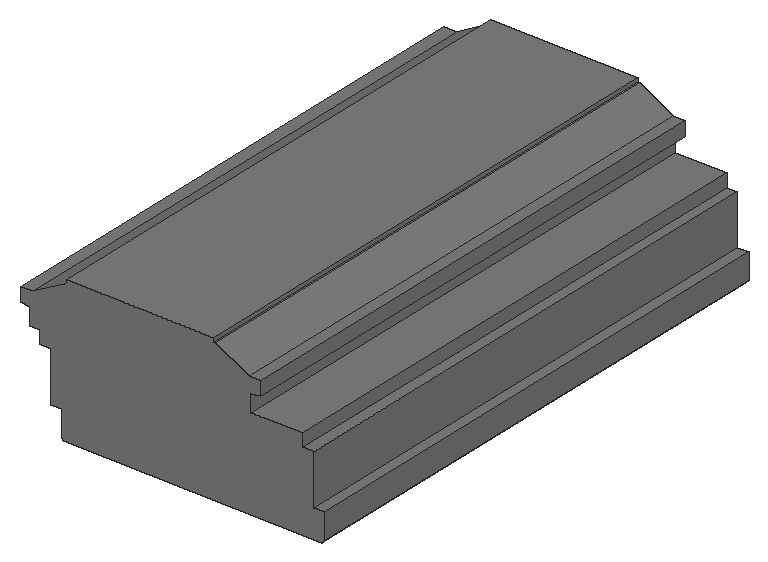
Revit family "HourdiBox PP Néo 120 Up 23 KW-1", category Equipement spécialisé, Revit 2016
Family settings
  Basée sur le plan de construction = Non
  Toujours verticalement = Oui
  Couper avec des vides une fois chargée = Non
  Partagée = Non
  Point de calcul de pièce = Non
Parameters (values of type "HourdiBox PP 120 Up 23")
  Up - SEAC GF 110 - SEAC GF 120 - SEAC GF 930 - SEAC GF 940 = 0.2300 W/(m·K)  # constant formula
  Up - RECTOR NR 130 = 0.2300 W/(m·K)  # constant formula
  Up - RECTOR NR 110 = 0.2300 W/(m·K)  # constant formula
  Up - LB7 - Série 1 = 0.2300 W/(m·K)  # constant formula
  Up - LB 7 - Série 2 = 0.2300 W/(m·K)  # constant formula
  Up - KP1 Leader 130 - KP1 Leader 140 = 0.2300 W/(m·K)  # constant formula
  Up - KP1 Leader 110 - KP1 Leader 115S - KP1 Leader x 110 = 0.2300 W/(m·K)  # constant formula
  Up - DURANDAL DF 110 - DURANDAL DF 130 - DURANDAL DF 140 = 0.2300 W/(m·K)  # constant formula
  URL = "http://www.isobox-isolation.fr/"
  Rp - SEAC GF 110 - SEAC GF 120 - SEAC GF 930 - SEAC GF 940 = 4.0000 (m²·K)/W  # constant formula
  Rp - RECTOR NR 110 = 4.0500 (m²·K)/W  # constant formula
  Rp - RECTOR NR 130 = 4.0000 (m²·K)/W  # constant formula
  Keynote = ""
  Model = "Entrevous 120 - UP 14 "  # constant formula
  Matériaux = Isolant PSE Entrevous
  Longueur = 1200 mm  # constant formula
  Largeur coupure 02 (base 10cm = 0) (par défaut) [instance] = 100 mm
  Largeur coupure 01 (base 10cm = 0) [instance] = 100 mm
  Longueur coupure (base 10cm = 0) [instance] = 100 mm
  Largeur = 688.5 mm  # constant formula
  Rp - LB7 - Série 1 = 4.0500 (m²·K)/W  # constant formula
  Rp - LB 7 - Série 2 = 4.0000 (m²·K)/W  # constant formula
  Rp - KP1 Leader 130 - KP1 Leader 140 = 4.0000 (m²·K)/W  # constant formula
  Rp - KP1 Leader 110 - KP1 Leader 115S - KP1 Leader x 110 = 4.0500 (m²·K)/W  # constant formula
  Fabricant = "Isobox"  # constant formula
  Epaisseur de languette = 101 mm  # constant formula
  Description = ""
  Rp - DURANDAL DF 110 - DURANDAL DF 130 - DURANDAL DF 140 = 4.0500 (m²·K)/W  # constant formula
  Coût = 0  # constant formula
Reference planes
  plane 1 "Centre (avant/arrière)": y = 0
  plane 2: z = 0
  plane 3 "Centre (gauche/droite)": x = 0
Forms (mm)
  Extrusion 1, solid, material "Isolant PSE Entrevous" <- "Matériaux"
    sketch origin (0, 0, 0) x (1, 0, 0) y (0, 0, 1)
      loop
        line (105.383, 0) -> (105.383, -9) -> (100.383, -9) -> (27.542, -50.647) -> (0, -50.647) -> (0, -82.012) -> (21.945, -84.319) -> (21.945, -122.995) -> (45, -122.995) -> (45, -152) -> (68.5, -152) -> (68.5, -266) -> (93.5, -266) -> (93.5, -325) -> (98.5, -330) -> (683.5, -330) -> (688.5, -325) -> (688.5, -266) -> (663.5, -266) -> (663.5, -152) -> (640, -152) -> (640, -123) -> (522.055, -123) -> (522.055, -84.319) -> (544, -82.012) -> (544, -50.647) -> (516.458, -50.647) -> (443.618, -9) -> (438.618, -9) -> (438.618, 0) -> (105.383, 0)
    from 0 to 1200
  Extrusion 2, void
    sketch origin (0, 0, 0) x (1, 0, 0) y (0, 1, 0)
      loop
        line (788.5, 0) -> (688.5, 0) -> (688.5, -1200) -> (788.5, -1200) -> (788.5, 0)
    from -330 to 0
  Extrusion 3, void
    sketch origin (0, 0, 0) x (1, 0, 0) y (0, 1, 0)
      loop
        line (0, -1200) -> (0, -1300) -> (688.5, -1300) -> (688.5, -1200) -> (0, -1200)
    from 0 to -330
  Extrusion 4, void
    sketch origin (-788.5, 0, 0) x (1, 0, 0) y (0, 1, 0)
      loop
        line (788.5, 0) -> (688.5, 0) -> (688.5, -1200) -> (788.5, -1200) -> (788.5, 0)
    from -330 to 0
Cuts and joins
  Extrusion 2, Extrusion 3, Extrusion 4 cuts Extrusion 1
Lines and regions (mm)
  reference lines
    curve 1: line (788.5, 160, 0) -> (788.5, -1440, 0)
    curve 2: line (-100, 0, 0) -> (-100, -1540, 0)
    curve 3: line (0, -1300, 0) -> (1520, -1300, 0)
Dimensions and locks
  locked: Extrusion 1 to Extrusion 1 at 688.5
  locked: Extrusion 1 to Extrusion 1 at 1200
  locked: Extrusion 1 to Extrusion 1 at 143
  "Largeur coupure 01 (base 10cm = 0)": Extrusion 2 to Extrusion 2
  locked: Extrusion 3 to Extrusion 3 at 688.5
  "Longueur coupure (base 10cm = 0)": Extrusion 3 to Extrusion 3
  "Largeur coupure 02 (base 10cm = 0) (par défaut)": Extrusion 4 to Extrusion 4
  cut or joined group of Extrusion 1, Extrusion 2, Extrusion 3, Extrusion 4 to cut or joined group of Extrusion 1, Extrusion 2, Extrusion 3, Extrusion 4 = 330 mm
  aligned and locked: level to plane 2
  aligned and locked: Extrusion 2 to curve 1
  aligned and locked: Extrusion 4 to curve 2
  aligned and locked: Extrusion 3 to curve 3
Automatic sketch dimensions
  Extrusion 1 sketch curve to plane 3 "Centre (gauche/droite)" = 0 mm
  Extrusion 1 sketch curve to level = 0 mm
  plane 3 "Centre (gauche/droite)" to Extrusion 1 sketch curve = 21.945 mm
  plane 3 "Centre (gauche/droite)" to Extrusion 1 sketch curve = 27.542 mm
  Extrusion 1 sketch curve to Extrusion 1 sketch curve = 23.055 mm
  plane 3 "Centre (gauche/droite)" to Extrusion 1 sketch curve = 68.5 mm
  Extrusion 1 sketch curve to Extrusion 1 sketch curve = 25 mm
  Extrusion 1 sketch curve to Extrusion 1 sketch curve = 5 mm  (x5)
  Extrusion 1 sketch curve to level = 9 mm  (x2)
  Extrusion 1 sketch curve to Extrusion 1 sketch curve = 72.84 mm  (x2)
  Extrusion 1 sketch curve to Extrusion 1 sketch curve = 333.235 mm
  Extrusion 1 sketch curve to Extrusion 1 sketch curve = 5.597 mm
  Extrusion 1 sketch curve to level = 82.012 mm
  Extrusion 1 sketch curve to Extrusion 1 sketch curve = 21.945 mm
  Extrusion 1 sketch curve to Extrusion 1 sketch curve = 96 mm
  Extrusion 1 sketch curve to Extrusion 1 sketch curve = 23.5 mm
  Extrusion 1 sketch curve to level = 330 mm
  Extrusion 1 sketch curve to Extrusion 1 sketch curve = 20 mm
  Extrusion 1 sketch curve to level = 325 mm
  Extrusion 1 sketch curve to Extrusion 1 sketch curve = 59 mm  (x2)
  Extrusion 1 sketch curve to Extrusion 1 sketch curve = 114 mm  (x2)
  Extrusion 1 sketch curve to Extrusion 1 sketch curve = 29 mm
  Extrusion 1 sketch curve to Extrusion 1 sketch curve = 29.005 mm
  Extrusion 1 sketch curve to Extrusion 1 sketch curve = 38.676 mm
  Extrusion 1 sketch curve to Extrusion 1 sketch curve = 2.307 mm  (x2)
  Extrusion 1 sketch curve to Extrusion 1 sketch curve = 33.672 mm  (x2)
  plane 1 "Centre (avant/arrière)" to Extrusion 2 sketch curve = 0 mm
  plane 3 "Centre (gauche/droite)" to Extrusion 2 sketch curve = 688.5 mm
  Extrusion 2 sketch curve to Extrusion 2 sketch curve = 100 mm
  plane 1 "Centre (avant/arrière)" to Extrusion 2 sketch curve = 1200 mm
  Extrusion 3 sketch curve to plane 3 "Centre (gauche/droite)" = 0 mm
  plane 3 "Centre (gauche/droite)" to Extrusion 3 sketch curve = 688.5 mm
  plane 1 "Centre (avant/arrière)" to Extrusion 3 sketch curve = 1300 mm
  Extrusion 3 sketch curve to Extrusion 3 sketch curve = 100 mm
  plane 1 "Centre (avant/arrière)" to Extrusion 4 sketch curve = 0 mm
  Extrusion 4 sketch curve to plane 3 "Centre (gauche/droite)" = 0 mm
  Extrusion 4 sketch curve to plane 3 "Centre (gauche/droite)" = 100 mm
  plane 1 "Centre (avant/arrière)" to Extrusion 4 sketch curve = 1200 mm
  plane 1 "Centre (avant/arrière)" to curve 2 = 0 mm
  curve 3 to plane 3 "Centre (gauche/droite)" = 0 mm
  curve 2 to plane 3 "Centre (gauche/droite)" = 100 mm
  plane 3 "Centre (gauche/droite)" to curve 1 = 788.5 mm
  curve 1 to curve 3 = 731.5 mm
  plane 1 "Centre (avant/arrière)" to curve 3 = 1300 mm
  curve 1 to curve 3 = 140 mm
  curve 2 to curve 3 = 240 mm
  curve 1 to plane 1 "Centre (avant/arrière)" = 160 mm
